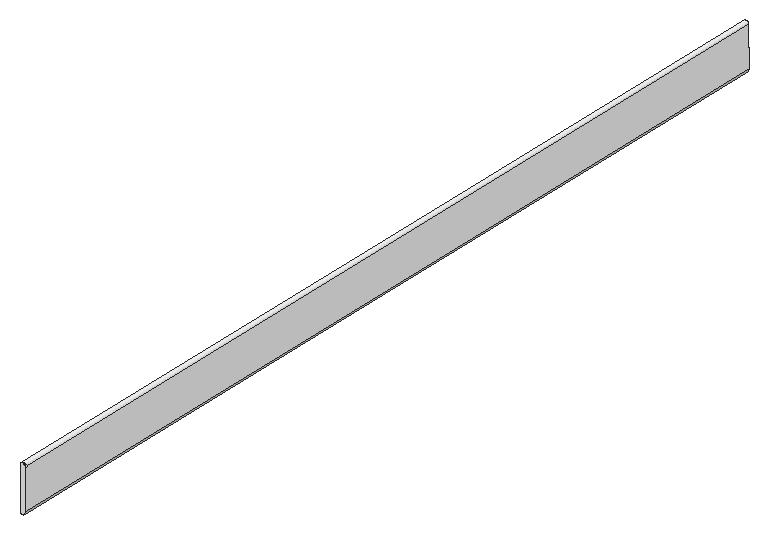
Revit family "Wall_Expansion_Joint-Emseal-Emshield-SSW2-(0.5-6-Inch)", category Specialty Equipment, host Face, Revit 2019
Family settings
  Host = Face
  Round Connector Dimension = Use Diameter
  Part Type = Normal
  OmniClass Number = 23.25.30.24
  OmniClass Title = Structural Walls
  Cut with Voids When Loaded = No
  Shared = No
  Room Calculation Point = No
Parameters (values of type "REFER TO TYPE CATALOG")
  Width = 0' - 0 1/2"
  Water Penetration of Curtain Wall By Uniform Static Air Pressure Difference (ASTM E331-00) = "No water penetration - 15 minute duration at 500 Delta-P(Pa), 1000 Delta-P(Pa),  and 5000 Delta-P(Pa)"  # constant formula
  URL = "https://www.emseal.com/"
  Type Image = <None>
  Type Comments = ""
  Tornado Resistance (Air Leakage) (ASTM E283) = "Tested to 200 mph with essentially no deflection"  # constant formula
  Thermal Conductivity (ASTM C518) = "0.9824 BTU*in/h*ft^2*F (0.1417 W/m*K)"  # constant formula
  Tensile Strength (ASTM D3574) = "21 psi min;  145 kPa"  # constant formula
  Temperature Range (ASTM C711) = "185°F (85°C) to -40°F (-40°C)"  # constant formula
  Standard Test Method For Structural Performance of Exterior Windows, Doors, Sylights and Curtain Walls by Uniform Static Air Pressure Difference (ASTM E330) = "1.9mm @ 4854Pa (200mph) 6-Inch width"  # constant formula
  Staining (ASTM C510) = "None"  # constant formula
  Seal Material Note = "SecuritySeal SSW2 has layers of pick resistant polyurethane coating on both sides"  # constant formula
  Seal Material = Polyurethane - Pecora Dynaflex - Tru White
  STC Rating (Sound Transmission Class) (ASTM E90) = "STC 62 (in a STC 68 wall)"  # constant formula
  Rate of Air Leakage (ASTM E283) = "Passed"  # constant formula
  R Value Range (ASTM C518) = "1.03 per 1-inch (25mm) depth"  # constant formula
  Product data url = "https://cdn.emseal.com/wp-content/uploads/2016/06/security-seal-ssw2-tech-data-fire-rated-expansion-joint-security-pick-resistant-wall-2-hour-emseal.pdf"
  Product Page URL = "https://www.emseal.com/product/ssw2-fire-rated-expansion-joint-security-pick-resistant-wall-2hour/"
  Product Documentation Link = "https://cdn.emseal.com/wp-content/uploads/2016/06/security-seal-ssw2-tech-data-fire-rated-expansion-joint-security-pick-resistant-wall-2-hour-emseal.pdf"
  Pick Resistant = "Yes"  # constant formula
  OITC Rating (Outdoor/Indoor Transmission Class) = "OITC 52 (in a OITC 52 wall)"  # constant formula
  Number of Sticks Required [instance] = Length / 6' 6 23/32"  # 1
  Movement (of Nominal Material Size) = "+ 50% / - 50%"
  Model = "SecuritySeal SSW2"
  Manufacturer = "Emseal Joint Systems, Ltd."  # constant formula
  Length [instance] = 6' - 6 23/32"
  Keynote = ""
  Host Thickness = 0' 0" - Depth  # -0' - 4"
  Fire Resistance and Movement Cycling Regime (UL 2079, ASTM E1966, ASTM E119, ASTM E1399) = "Passed"  # constant formula
  Fire Rating (Hours per UL2079) = "2"
  Fire Rated Movement Rating (UL2079) = "Class II, III"  # constant formula
  Durometer Hardness of Silicone Coating (ASTM D2240) = "Shore A: 55 +/-5"  # constant formula
  Description = "Fire Rated, Watertight, Pick-Resistant Sound Dampening, Primary Seal for Interior and Exterior Wall Expansion Joints"  # constant formula
  Depth = 0' - 4"
  Default Elevation = 4' - 0"
  Assembly Code = "B2010"
  Air Permeability (ASTM E283-04) = "0.00017 L/(s-m²) @ 75 Delta-P(Pa) 0.00017 L(s-m²) @ 250 Delta-P(Pa)"  # constant formula
  ABAA Compliance = "YES"  # constant formula
Reference planes (in)
  plane 1 "Center (Front/Back)": y = 0
  plane 2: z = 0
  plane 3 "Center (Left/Right)": x = 0
  plane 4: y = 39.35937
  plane 5: y = -39.35938
  plane 6: x = -0.25
  plane 7: x = 0.25
  plane 8: z = -4
Forms (in)
  Extrusion 1, void
    sketch origin (0, 0, 0) x (1, 0, 0) y (0, 1, 0)
      loop
        line (-0.25, -39.35938) -> (0.25, -39.35938) -> (0.25, 39.35937) -> (-0.25, 39.35937) -> (-0.25, -39.35938)
    from -120 to 0
Dimensions and locks (in)
  equal spacing: plane 6, plane 3 "Center (Left/Right)", plane 7
  "Width": plane 6 to plane 7
  "Length": plane 4 to plane 5
  "Depth": level to plane 8
  equal spacing: plane 4, plane 1 "Center (Front/Back)", plane 5
  aligned and locked: plane 2 to host face
  aligned and locked: level to host face
  aligned and locked: Extrusion 1 sketch curve to plane 5
  aligned and locked: Extrusion 1 sketch curve to plane 7
  aligned and locked: Extrusion 1 sketch curve to plane 6
  aligned and locked: Extrusion 1 sketch curve to plane 4
  aligned and locked: plane 2 to Extrusion 1
  aligned and locked: plane 4 to nested 1
  aligned and locked: plane 5 to nested 1
  aligned and locked: plane 3 "Center (Left/Right)" to nested 1
Automatic sketch dimensions
  host sketch curve to host sketch curve = 8' - 0"
  host sketch curve to host sketch curve = 6' - 6 23/32"
Nested families (in)
  nested 1: "EmShield_WFR_Bellow_Facebased" at (0, 0, 0), Seal Material <- "Seal Material", Width <- "Width", Depth <- "Depth", type "WFR"
    with Width 0' - 0 1/2", Triple Bellow no, Single Bellow yes, Seal Material Polyurethane - Pecora Dynaflex - Tru White, Quad Bellow no, Pent Bellow no, Length 6' - 6 23/32", Depth 0' - 4", Calc Width Triple 0' - 1 1/2", Calc Width Single 0' - 0 1/2", Calc Width Quad 0' - 3 131/256", Calc Width Pent 0' - 4 1/2"
Definition of nested family "EmShield_WFR_Bellow_Facebased"
  Parameters
    Width [instance] = 0' - 4 3/4"
    Triple Bellow [instance] = and(Width > 0' 1 125/256", Width < 0' 3 131/256")  # no
    Single Bellow [instance] = Width < 0' 1 67/256"  # no
    Seal Material [instance] = none
    Quad Bellow [instance] = and(Width > 0' 3 189/256", Width < 0' 4 131/256")  # no
    Pent Bellow [instance] = and(Width > 0' 4 189/256", Width < 0' 6 3/256")  # yes
    Length [instance] = 7' - 0"
    Depth [instance] = 0' - 4"
    Default Elevation = 4' - 0"
    Calc Width Triple [instance] = if(or(Width > 0' 3 131/256", Width < 0' 1 125/256"), 0' 1 1/2", Width)  # 0' - 1 1/2"
    Calc Width Single [instance] = if(Width > 0' 1 67/256", 0' 1 67/256", Width)  # 0' - 1 67/256"
    Calc Width Quad [instance] = if(or(Width > 0' 4 131/256", Width < 0' 3 189/256"), 0' 3 131/256", Width)  # 0' - 3 131/256"
    Calc Width Pent [instance] = if(or(Width > 0' 6 3/256", Width < 0' 4 125/256"), 0' 4 1/2", Width)  # 0' - 4 3/4"
  Reference planes (in)
    plane 1 "Center (Front/Back)": y = 0
    plane 2: z = 0
    plane 3 "Center (Left/Right)": x = 0
    plane 4: y = 42
    plane 5: y = -42
    plane 6: x = -0.75
    plane 7: x = 0.75
    plane 8: z = -4
    plane 9: x = -0.87793
    plane 10: x = 0.87793
    plane 11: x = -0.25
    plane 12: x = 0.25
    plane 13: x = -1.75586
    plane 14: x = 1.75586
    plane 15: x = -0.63086
    plane 16: x = 0.63086
    plane 17: x = -2.375
    plane 18: x = 2.375
    plane 19: x = -5.625
    plane 20: x = 5.875
    plane 21: x = -1.425
    plane 22: x = -0.475
    plane 23: x = 0.475
    plane 24: x = -2.375
    plane 25: x = 2.375
    plane 26: x = 1.425
  Forms (in)
    Extrusion 1, solid
      sketch origin (0, 0, 0) x (1, 0, 0) y (0, 1, 0)
        loop
          line (-48, 48) -> (-48, -48) -> (48, -48) -> (48, 48) -> (-48, 48)
      from 0 to -12
    Extrusion 2, solid, material <- "Seal Material", visible <- "Quad Bellow", detail levels medium+fine
      sketch origin (0, 0, 0) x (1, 0, 0) y (0, 0, 1)
        loop
          line (1.75586, -3.56106) -> (1.75586, -0.43896)
          arc (1.75586, -0.43896) -> (1.31689, 0) -> (0.87793, -0.43896) r 0.43896
          arc (0.87793, -0.43896) -> (0.43896, 0) -> (0, -0.43896) r 0.43896
          arc (0, -0.43896) -> (-0.43896, 0) -> (-0.87793, -0.43896) r 0.43896
          arc (-0.87793, -0.43896) -> (-1.31689, 0) -> (-1.75586, -0.43896) r 0.43896
          line (-1.75586, -0.43896) -> (-1.75586, -3.56106)
          arc (-1.75586, -3.56106) -> (-1.31689, -4.00002) -> (-0.87793, -3.56106) r 0.43896
          arc (-0.87793, -3.56106) -> (-0.43896, -4.00002) -> (0, -3.56106) r 0.43896
          arc (0, -3.56106) -> (0.43896, -4.00002) -> (0.87793, -3.56106) r 0.43896
          arc (0.87793, -3.56106) -> (1.31689, -4.00002) -> (1.75586, -3.56106) r 0.43896
      from -42 to 42
    Extrusion 3, solid, material <- "Seal Material", visible <- "Triple Bellow", detail levels medium+fine
      sketch origin (0, 0, 0) x (1, 0, 0) y (0, 0, 1)
        loop
          line (-0.75, -0.25) -> (-0.75, -3.75)
          arc (-0.75, -3.75) -> (-0.5, -4) -> (-0.25, -3.75) r 0.25
          arc (-0.25, -3.75) -> (0, -4) -> (0.25, -3.75) r 0.25
          arc (0.25, -3.75) -> (0.5, -4) -> (0.75, -3.75) r 0.25
          line (0.75, -3.75) -> (0.75, -0.25)
          arc (0.75, -0.25) -> (0.5, 0) -> (0.25, -0.25) r 0.25
          arc (0.25, -0.25) -> (0, 0) -> (-0.25, -0.25) r 0.25
          arc (-0.25, -0.25) -> (-0.5, 0) -> (-0.75, -0.25) r 0.25
      from -42 to 42
    Extrusion 4, solid, material <- "Seal Material", visible <- "Single Bellow", detail levels medium+fine
      sketch origin (0, 0, 0) x (1, 0, 0) y (0, 0, 1)
        loop
          line (-0.63086, -0.63086) -> (-0.63086, -3.36914)
          arc (-0.63086, -3.36914) -> (0, -4) -> (0.63086, -3.36914) r 0.63086
          line (0.63086, -3.36914) -> (0.63086, -0.63086)
          arc (0.63086, -0.63086) -> (0, 0) -> (-0.63086, -0.63086) r 0.63086
      from -42 to 42
    Extrusion 5, solid, material <- "Seal Material", detail levels coarse
      sketch origin (0, 0, 0) x (1, 0, 0) y (0, 0, 1)
        loop
          line (2.375, -4) -> (2.375, 0) -> (-2.375, 0) -> (-2.375, -4) -> (2.375, -4)
      from -42 to 42
    Extrusion 6, solid, material <- "Seal Material", visible <- "Pent Bellow", detail levels medium+fine
      sketch origin (0, 0, 0) x (1, 0, 0) y (0, 0, 1)
        loop
          line (-2.375, -0.475) -> (-2.375, -3.52513)
          arc (-2.375, -3.52513) -> (-1.9, -4.00013) -> (-1.425, -3.52513) r 0.475
          arc (-1.425, -3.52513) -> (-0.95, -4.00013) -> (-0.475, -3.52513) r 0.475
          arc (-0.475, -3.52513) -> (0, -4.00013) -> (0.475, -3.52513) r 0.475
          arc (0.475, -3.52513) -> (0.95, -4.00013) -> (1.425, -3.52513) r 0.475
          arc (1.425, -3.52513) -> (1.9, -4.00013) -> (2.375, -3.52513) r 0.475
          line (2.375, -3.52513) -> (2.375, -0.475)
          arc (2.375, -0.475) -> (1.9, 0) -> (1.425, -0.475) r 0.475
          arc (1.425, -0.475) -> (0.95, 0) -> (0.475, -0.475) r 0.475
          arc (0.475, -0.475) -> (0, 0) -> (-0.475, -0.475) r 0.475
          arc (-0.475, -0.475) -> (-0.95, 0) -> (-1.425, -0.475) r 0.475
          arc (-1.425, -0.475) -> (-1.9, 0) -> (-2.375, -0.475) r 0.475
      from -42 to 42
  Lines and regions (in)
    Masking region 1
      outline origin (0, 0, 2.62265) x (-1, 0, 0) y (0, -1, 0)
        loop
          line (2.375, -42) -> (2.375, 42) -> (-2.375, 42) -> (-2.375, -42) -> (2.375, -42)
    Masking region 2, detail levels coarse
      outline origin (0, 0, 0) x (1, 0, 0) y (0, 0, 1)
        loop
          line (2.375, 0) -> (-2.375, 0) -> (-2.375, -4) -> (2.375, -4) -> (2.375, 0)
    Masking region 3, visible <- "Pent Bellow", detail levels medium+fine
      outline origin (0, 0, 0) x (1, 0, 0) y (0, 0, 1)
        loop
          arc (-1.425, -0.475) -> (-1.9, 0) -> (-2.375, -0.475) r 0.475
          line (-2.375, -0.475) -> (-2.375, -3.52513)
          arc (-2.375, -3.52513) -> (-1.9, -4.00013) -> (-1.425, -3.52513) r 0.475
          arc (-1.425, -3.52513) -> (-0.95, -4.00013) -> (-0.475, -3.52513) r 0.475
          arc (-0.475, -3.52513) -> (0, -4.00013) -> (0.475, -3.52513) r 0.475
          arc (0.475, -3.52513) -> (0.95, -4.00013) -> (1.425, -3.52513) r 0.475
          arc (1.425, -3.52513) -> (1.9, -4.00013) -> (2.375, -3.52513) r 0.475
          line (2.375, -3.52513) -> (2.375, -0.475)
          arc (2.375, -0.475) -> (1.9, 0) -> (1.425, -0.475) r 0.475
          arc (1.425, -0.475) -> (0.95, 0) -> (0.475, -0.475) r 0.475
          arc (0.475, -0.475) -> (0, 0) -> (-0.475, -0.475) r 0.475
          arc (-0.475, -0.475) -> (-0.95, 0) -> (-1.425, -0.475) r 0.475
    Masking region 4, visible <- "Quad Bellow", detail levels medium+fine
      outline origin (0, 0, 0) x (1, 0, 0) y (0, 0, 1)
        loop
          line (-1.75586, -0.43896) -> (-1.75586, -3.56106)
          arc (-1.75586, -3.56106) -> (-1.31689, -4.00002) -> (-0.87793, -3.56106) r 0.43896
          arc (-0.87793, -3.56106) -> (-0.43896, -4.00002) -> (0, -3.56106) r 0.43896
          arc (0, -3.56106) -> (0.43896, -4.00002) -> (0.87793, -3.56106) r 0.43896
          arc (0.87793, -3.56106) -> (1.31689, -4.00002) -> (1.75586, -3.56106) r 0.43896
          line (1.75586, -3.56106) -> (1.75586, -0.43896)
          arc (1.75586, -0.43896) -> (1.31689, 0) -> (0.87793, -0.43896) r 0.43896
          arc (0.87793, -0.43896) -> (0.43896, 0) -> (0, -0.43896) r 0.43896
          arc (0, -0.43896) -> (-0.43896, 0) -> (-0.87793, -0.43896) r 0.43896
          arc (-0.87793, -0.43896) -> (-1.31689, 0) -> (-1.75586, -0.43896) r 0.43896
    Masking region 5, visible <- "Single Bellow", detail levels medium+fine
      outline origin (0, 0, 0) x (1, 0, 0) y (0, 0, 1)
        loop
          arc (0.63086, -0.63086) -> (0, 0) -> (-0.63086, -0.63086) r 0.63086
          line (-0.63086, -0.63086) -> (-0.63086, -3.36914)
          arc (-0.63086, -3.36914) -> (0, -4) -> (0.63086, -3.36914) r 0.63086
          line (0.63086, -3.36914) -> (0.63086, -0.63086)
    Masking region 6, visible <- "Triple Bellow", detail levels medium+fine
      outline origin (0, 0, 0) x (1, 0, 0) y (0, 0, 1)
        loop
          arc (-0.25, -3.75) -> (0, -4) -> (0.25, -3.75) r 0.25
          arc (0.25, -3.75) -> (0.5, -4) -> (0.75, -3.75) r 0.25
          line (0.75, -3.75) -> (0.75, -0.25)
          arc (0.75, -0.25) -> (0.5, 0) -> (0.25, -0.25) r 0.25
          arc (0.25, -0.25) -> (0, 0) -> (-0.25, -0.25) r 0.25
          arc (-0.25, -0.25) -> (-0.5, 0) -> (-0.75, -0.25) r 0.25
          line (-0.75, -0.25) -> (-0.75, -3.75)
          arc (-0.75, -3.75) -> (-0.5, -4) -> (-0.25, -3.75) r 0.25
    Masking region 7
      outline origin (0, 0, 0) x (0, 1, 0) y (0, 0, 1)
        loop
          line (42, -4) -> (42, 0) -> (-42, 0) -> (-42, -4) -> (42, -4)
    symbolic lines, visible <- "Quad Bellow", detail levels medium+fine
      curve 1: line (-0.87793, 42, 2.62265) -> (-0.87793, -42, 2.62265)
      curve 2: line (0.87793, 42, 2.62265) -> (0.87793, -42, 2.62265)
      curve 3: line (0, 42, 2.62265) -> (0, -42, 2.62265)
    symbolic lines, visible <- "Triple Bellow", detail levels medium+fine
      curve 4: line (-0.25, 42, 0) -> (-0.25, -42, 0)
      curve 5: line (0.25, 42, 0) -> (0.25, -42, 0)
    symbolic lines, visible <- "Pent Bellow", detail levels medium+fine
      curve 6: line (-1.425, 42, 0) -> (-1.425, -42, 0)
      curve 7: line (-0.475, 42, 0) -> (-0.475, -42, 0)
      curve 8: line (0.475, 42, 0) -> (0.475, -42, 0)
      curve 9: line (1.425, 42, 0) -> (1.425, -42, 0)
  Dimensions and locks (in)
    "Length": plane 4 to plane 5
    equal spacing: plane 6, plane 3 "Center (Left/Right)", plane 7
    "Depth": level to plane 8
    plane 8 to Extrusion 2 sketch curve to Extrusion 2 sketch curve to Extrusion 2 sketch curve to Extrusion 2 sketch curve = 0' - 0.00002" locked, 0' - 0" locked, 0' - 0" locked, 0' - 0" locked
    Extrusion 2 sketch curve to Extrusion 2 sketch curve to Extrusion 2 sketch curve to Extrusion 2 sketch curve to plane 2 = 0' - 0" locked, 0' - 0" locked, 0' - 0" locked, 0' - 0" locked
    equal spacing: plane 4, plane 1 "Center (Front/Back)", plane 5
    plane 8 to Extrusion 3 sketch curve to Extrusion 3 sketch curve to Extrusion 3 sketch curve = 0' - 0" locked, 0' - 0" locked, 0' - 0" locked
    plane 2 to Extrusion 3 sketch curve to Extrusion 3 sketch curve to Extrusion 3 sketch curve = 0' - 0" locked, 0' - 0" locked, 0' - 0" locked
    equal spacing: plane 7, plane 12, plane 11, plane 6
    "Calc Width Triple": plane 7 to plane 6
    equal spacing: plane 14, plane 10, plane 3 "Center (Left/Right)", plane 9, plane 13
    "Calc Width Quad": plane 14 to plane 13
    equal spacing: plane 16, plane 3 "Center (Left/Right)", plane 15
    "Calc Width Single": plane 16 to plane 15
    locked: plane 8 to Extrusion 4 sketch curve at 0
    locked: plane 2 to Extrusion 4 sketch curve at 0
    equal spacing: plane 18, plane 3 "Center (Left/Right)", plane 17
    "Width": plane 18 to plane 17
    locked: plane 19 to plane 17 at 3.25
    locked: plane 18 to plane 20 at 3.5
    equal spacing: plane 25, plane 3 "Center (Left/Right)", plane 24
    "Calc Width Pent": plane 25 to plane 24
    equal spacing: plane 25, plane 26, plane 23, plane 22, plane 21, plane 24
    plane 8 to Extrusion 6 sketch curve to Extrusion 6 sketch curve to Extrusion 6 sketch curve to Extrusion 6 sketch curve to Extrusion 6 sketch curve = 0' - 0.00013" locked, 0' - 0" locked, 0' - 0" locked, 0' - 0" locked, 0' - 0" locked
    plane 2 to Extrusion 6 sketch curve to Extrusion 6 sketch curve to Extrusion 6 sketch curve to Extrusion 6 sketch curve to Extrusion 6 sketch curve = 0' - 0" locked, 0' - 0" locked, 0' - 0" locked, 0' - 0" locked, 0' - 0" locked
    aligned and locked: plane 2 to Extrusion 1
    aligned and locked: level to Extrusion 1
    aligned and locked: Masking region 1 sketch curve to plane 4
    aligned and locked: Masking region 1 sketch curve to plane 5
    aligned and locked: plane 5 to curve 1
    aligned and locked: plane 5 to curve 2
    aligned and locked: plane 4 to curve 2
    aligned and locked: plane 4 to curve 1
    aligned and locked: curve 3 to plane 3 "Center (Left/Right)"
    aligned and locked: plane 10 to Extrusion 2 sketch curve  (x2)
    aligned and locked: plane 3 "Center (Left/Right)" to Extrusion 2 sketch curve  (x2)
    aligned and locked: plane 9 to Extrusion 2 sketch curve  (x2)
    aligned and locked: Extrusion 2 to plane 5
    aligned and locked: plane 4 to Extrusion 2
    aligned and locked: plane 6 to Extrusion 3 sketch curve
    aligned and locked: plane 7 to Extrusion 3 sketch curve
    aligned and locked: plane 12 to Extrusion 3 sketch curve  (x2)
    aligned and locked: plane 11 to Extrusion 3 sketch curve  (x2)
    aligned and locked: plane 13 to Extrusion 2 sketch curve
    aligned and locked: Extrusion 2 sketch curve to plane 14
    aligned and locked: plane 15 to Extrusion 4 sketch curve
    aligned and locked: plane 16 to Extrusion 4 sketch curve
    aligned and locked: Extrusion 5 sketch curve to plane 8
    aligned and locked: Extrusion 5 sketch curve to plane 2
    aligned and locked: Extrusion 5 sketch curve to plane 17
    aligned and locked: Extrusion 5 sketch curve to plane 18
    aligned and locked: Extrusion 5 to plane 5
    aligned and locked: Extrusion 4 to plane 5
    aligned and locked: Extrusion 3 to plane 5
    aligned and locked: plane 4 to Extrusion 5
    aligned and locked: plane 4 to Extrusion 4
    aligned and locked: plane 4 to Extrusion 3
    aligned and locked: curve 4 to plane 11
    aligned and locked: curve 5 to plane 12
    aligned and locked: Masking region 1 sketch curve to plane 17
    aligned and locked: plane 18 to Masking region 1 sketch curve
    aligned and locked: plane 24 to Extrusion 6 sketch curve
    aligned and locked: plane 25 to Extrusion 6 sketch curve
    aligned and locked: plane 21 to Extrusion 6 sketch curve  (x2)
    aligned and locked: plane 22 to Extrusion 6 sketch curve  (x2)
    aligned and locked: plane 23 to Extrusion 6 sketch curve  (x2)
    aligned and locked: plane 26 to Extrusion 6 sketch curve  (x2)
    aligned and locked: Extrusion 6 to plane 5
    aligned and locked: plane 4 to Extrusion 6
    aligned and locked: curve 6 to plane 21
    aligned and locked: curve 7 to plane 22
    aligned and locked: curve 8 to plane 23
    aligned and locked: curve 9 to plane 26
    aligned and locked: Masking region 2 sketch curve to Extrusion 5  (x4)
    aligned and locked: Masking region 3 sketch curve to Extrusion 6  (x10)
    aligned and locked: Masking region 4 sketch curve to Extrusion 2  (x8)
    aligned and locked: Masking region 5 sketch curve to Extrusion 4  (x2)
    aligned and locked: Masking region 6 sketch curve to Extrusion 3  (x6)
    aligned and locked: plane 4 to Masking region 7 sketch curve
    aligned and locked: plane 5 to Masking region 7 sketch curve
    aligned and locked: plane 8 to Masking region 7 sketch curve
    aligned and locked: level to Masking region 7 sketch curve
  Automatic sketch dimensions
    Extrusion 1 sketch curve to Extrusion 1 sketch curve = 8' - 0"  (x2)
    curve 3 to plane 4 = 0' - 0"
    curve 3 to plane 5 = 0' - 0"
    curve 2 to plane 10 = 0' - 0"
    curve 1 to plane 9 = 0' - 0"
    Extrusion 3 sketch curve to Extrusion 3 sketch curve = 0' - 0"
    curve 4 to plane 5 = 0' - 0"
    curve 5 to plane 5 = 0' - 0"
    curve 5 to plane 4 = 0' - 0"
    curve 4 to plane 4 = 0' - 0"
    curve 6 to plane 5 = 0' - 0"
    plane 4 to curve 6 = 0' - 0"
    curve 7 to curve 6 = 0' - 0"
    curve 6 to curve 7 = 0' - 0"
    curve 8 to curve 7 = 0' - 0"
    curve 7 to curve 8 = 0' - 0"
    curve 9 to curve 8 = 0' - 0"
    curve 8 to curve 9 = 0' - 0"
